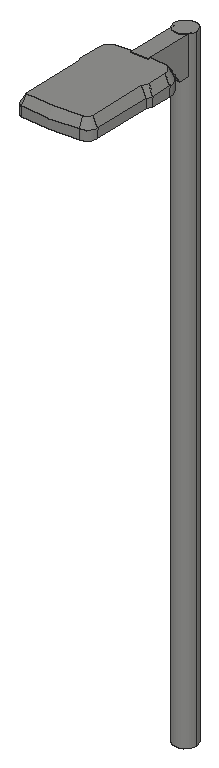
Revit family "VP-2-AD_U", category Lighting Fixtures, host Face, Revit 2019 (continued)
Definition of nested family "SIZE2-ADU"
  Automatic sketch dimensions
    Extrusion 22 sketch curve to Extrusion 22 sketch curve = 0.02618"
    Extrusion 22 sketch curve to Extrusion 22 sketch curve = 0.1119"
    Extrusion 22 sketch curve to plane 8 = 0.03691"
    Extrusion 22 sketch curve to Extrusion 22 sketch curve = 0.36056"
    Extrusion 22 sketch curve to plane 8 = 0.00781"
    Extrusion 22 sketch curve to Extrusion 22 sketch curve = 0.06241"
    Extrusion 22 sketch curve to Extrusion 22 sketch curve = 0.47992"
    Extrusion 22 sketch curve to Extrusion 22 sketch curve = 0.20146"
    Extrusion 23 sketch curve to plane 4 = 1.71682"
    Extrusion 23 sketch curve to plane 8 = 0.46661"
    Extrusion 23 sketch curve to Extrusion 23 sketch curve = 0.02618"
    Extrusion 23 sketch curve to Extrusion 23 sketch curve = 0.1119"
    Extrusion 23 sketch curve to plane 8 = 0.03691"
    Extrusion 23 sketch curve to Extrusion 23 sketch curve = 0.36056"
    Extrusion 23 sketch curve to plane 8 = 0.00781"
    Extrusion 23 sketch curve to Extrusion 23 sketch curve = 0.06241"
    Extrusion 23 sketch curve to Extrusion 23 sketch curve = 0.47992"
    Extrusion 23 sketch curve to Extrusion 23 sketch curve = 0.20146"
    Extrusion 24 sketch curve to plane 4 = 1.71682"
    Extrusion 24 sketch curve to plane 8 = 0.46661"
    Extrusion 24 sketch curve to Extrusion 24 sketch curve = 0.02618"
    Extrusion 24 sketch curve to Extrusion 24 sketch curve = 0.1119"
    Extrusion 24 sketch curve to plane 8 = 0.03691"
    Extrusion 24 sketch curve to Extrusion 24 sketch curve = 0.36056"
    Extrusion 24 sketch curve to plane 8 = 0.00781"
    Extrusion 24 sketch curve to Extrusion 24 sketch curve = 0.06241"
    Extrusion 24 sketch curve to Extrusion 24 sketch curve = 0.47992"
    Extrusion 24 sketch curve to Extrusion 24 sketch curve = 0.20146"
    Extrusion 25 sketch curve to plane 4 = 1.71682"
    Extrusion 25 sketch curve to plane 8 = 0.46661"
    Extrusion 25 sketch curve to Extrusion 25 sketch curve = 0.02618"
    Extrusion 25 sketch curve to Extrusion 25 sketch curve = 0.1119"
    Extrusion 25 sketch curve to plane 8 = 0.03691"
    Extrusion 25 sketch curve to Extrusion 25 sketch curve = 0.36056"
    Extrusion 25 sketch curve to plane 8 = 0.00781"
    Extrusion 25 sketch curve to Extrusion 25 sketch curve = 0.06241"
    Extrusion 25 sketch curve to Extrusion 25 sketch curve = 0.47992"
    Extrusion 25 sketch curve to Extrusion 25 sketch curve = 0.20146"
    Extrusion 26 sketch curve to plane 5 = 1.71682"
    plane 8 to Extrusion 26 sketch curve = 0.46661"
    Extrusion 26 sketch curve to Extrusion 26 sketch curve = 0.02618"
    Extrusion 26 sketch curve to Extrusion 26 sketch curve = 0.1119"
    plane 8 to Extrusion 26 sketch curve = 0.03691"
    Extrusion 26 sketch curve to Extrusion 26 sketch curve = 0.36056"
    plane 8 to Extrusion 26 sketch curve = 0.00781"
    Extrusion 26 sketch curve to Extrusion 26 sketch curve = 0.06241"
    Extrusion 26 sketch curve to Extrusion 26 sketch curve = 0.47992"
    Extrusion 26 sketch curve to Extrusion 26 sketch curve = 0.20146"
    plane 5 to Extrusion 27 sketch curve = 1.71682"
    Extrusion 27 sketch curve to plane 8 = 0.46661"
    Extrusion 27 sketch curve to Extrusion 27 sketch curve = 0.02618"
    Extrusion 27 sketch curve to Extrusion 27 sketch curve = 0.1119"
    Extrusion 27 sketch curve to plane 8 = 0.03691"
    Extrusion 27 sketch curve to Extrusion 27 sketch curve = 0.36056"
    Extrusion 27 sketch curve to plane 8 = 0.00781"
    Extrusion 27 sketch curve to Extrusion 27 sketch curve = 0.06241"
    Extrusion 27 sketch curve to Extrusion 27 sketch curve = 0.47992"
    Extrusion 27 sketch curve to Extrusion 27 sketch curve = 0.20146"
    plane 5 to Extrusion 28 sketch curve = 1.71682"
    Extrusion 28 sketch curve to plane 8 = 0.46661"
    Extrusion 28 sketch curve to Extrusion 28 sketch curve = 0.02618"
    Extrusion 28 sketch curve to Extrusion 28 sketch curve = 0.1119"
    Extrusion 28 sketch curve to plane 8 = 0.03691"
    Extrusion 28 sketch curve to Extrusion 28 sketch curve = 0.36056"
    Extrusion 28 sketch curve to plane 8 = 0.00781"
    Extrusion 28 sketch curve to Extrusion 28 sketch curve = 0.06241"
    Extrusion 28 sketch curve to Extrusion 28 sketch curve = 0.47992"
    Extrusion 28 sketch curve to Extrusion 28 sketch curve = 0.20146"
    plane 5 to Extrusion 29 sketch curve = 1.71682"
    Extrusion 29 sketch curve to plane 8 = 0.46661"
    Extrusion 29 sketch curve to Extrusion 29 sketch curve = 0.02618"
    Extrusion 29 sketch curve to Extrusion 29 sketch curve = 0.1119"
    Extrusion 29 sketch curve to plane 8 = 0.03691"
    Extrusion 29 sketch curve to Extrusion 29 sketch curve = 0.36056"
    Extrusion 29 sketch curve to plane 8 = 0.00781"
    Extrusion 29 sketch curve to Extrusion 29 sketch curve = 0.06241"
    Extrusion 29 sketch curve to Extrusion 29 sketch curve = 0.47992"
    Extrusion 29 sketch curve to Extrusion 29 sketch curve = 0.20146"
    plane 5 to Extrusion 30 sketch curve = 1.71682"
    Extrusion 30 sketch curve to plane 8 = 0.46661"
    Extrusion 30 sketch curve to Extrusion 30 sketch curve = 0.02618"
    Extrusion 30 sketch curve to Extrusion 30 sketch curve = 0.1119"
    Extrusion 30 sketch curve to plane 8 = 0.03691"
    Extrusion 30 sketch curve to Extrusion 30 sketch curve = 0.36056"
    Extrusion 30 sketch curve to plane 8 = 0.00781"
    Extrusion 30 sketch curve to Extrusion 30 sketch curve = 0.06241"
    Extrusion 30 sketch curve to Extrusion 30 sketch curve = 0.47992"
    Extrusion 30 sketch curve to Extrusion 30 sketch curve = 0.20146"
    plane 5 to Extrusion 31 sketch curve = 1.77513"
    Extrusion 31 sketch curve to Extrusion 31 sketch curve = 0.35"  (x3)
    Extrusion 31 sketch curve to plane 4 = 2.07197"  (x2)
    plane 6 to Extrusion 31 sketch curve = 7.81182"
    Extrusion 31 sketch curve to Extrusion 31 sketch curve = 5.05"
    plane 5 to Extrusion 32 sketch curve = 2.33171"
    Extrusion 32 sketch curve to Extrusion 32 sketch curve = 0.00"  (x61)
    Extrusion 32 sketch curve to Extrusion 32 sketch curve = 0.51875"  (x27)
    plane 6 to Extrusion 32 sketch curve = 8.73694"
    Extrusion 32 sketch curve to Extrusion 32 sketch curve = 0.50"  (x72)
    plane 4 to Extrusion 33 sketch curve = 2.33171"
    Extrusion 33 sketch curve to Extrusion 33 sketch curve = 0.00"  (x61)
    Extrusion 33 sketch curve to Extrusion 33 sketch curve = 0.51875"  (x27)
    Extrusion 33 sketch curve to plane 6 = 8.73694"
    Extrusion 33 sketch curve to Extrusion 33 sketch curve = 0.50"  (x72)
    plane 5 to Extrusion 34 sketch curve = 1.89345"
    Extrusion 34 sketch curve to Extrusion 34 sketch curve = 0.25"  (x3)
    Extrusion 34 sketch curve to plane 3 "Center (Left/Right)" = 0.54655"  (x2)
    plane 6 to Extrusion 34 sketch curve = 8.2409"
    Extrusion 34 sketch curve to Extrusion 34 sketch curve = 4.50"
    plane 4 to Extrusion 35 sketch curve = 1.89345"
    Extrusion 35 sketch curve to Extrusion 35 sketch curve = 0.25"  (x3)
    Extrusion 35 sketch curve to plane 3 "Center (Left/Right)" = 0.54655"  (x2)
    Extrusion 35 sketch curve to plane 6 = 8.2409"
    Extrusion 35 sketch curve to Extrusion 35 sketch curve = 4.50"
    Extrusion 36 sketch curve to plane 8 = 0.00"
    Extrusion 36 sketch curve to plane 9 = 0.00"
    plane 8 to Extrusion 36 sketch curve = 0.79603"
    Extrusion 36 sketch curve to Extrusion 36 sketch curve = 1.20397"
    Extrusion 36 sketch curve to level = 1.406"
    plane 8 to Extrusion 36 sketch curve = 3.692"
    level to Extrusion 36 sketch curve = 1.12478"
    Extrusion 36 sketch curve to plane 6 = 4.192"
    plane 6 to Extrusion 36 sketch curve = 1.18918"
    radius of Extrusion 7 sketch curve = 0.15"  (x81)
    radius of Extrusion 8 sketch curve = 0.15"  (x81)
    radius of Extrusion 32 sketch curve = 0.15"  (x81)
    radius of Extrusion 33 sketch curve = 0.15"  (x81)
Types (4): name | Pole Radius | Mounting Block Size | Model | Pole Size
  (no name) | 2.09" | 3.18" | "VP-1-AD4U" | 4.18"
  VP-2-AD3U | 1.75" | 2.50" | "VP-2-AD3U" | 3.50"
  VP-2-AD4U | 2.09" | 3.18" | "VP-1-AD4U" | 4.18"
  VP-2-AD5U | 2.75" | 4.50" | "VP-1-AD5U" | 5.50"
